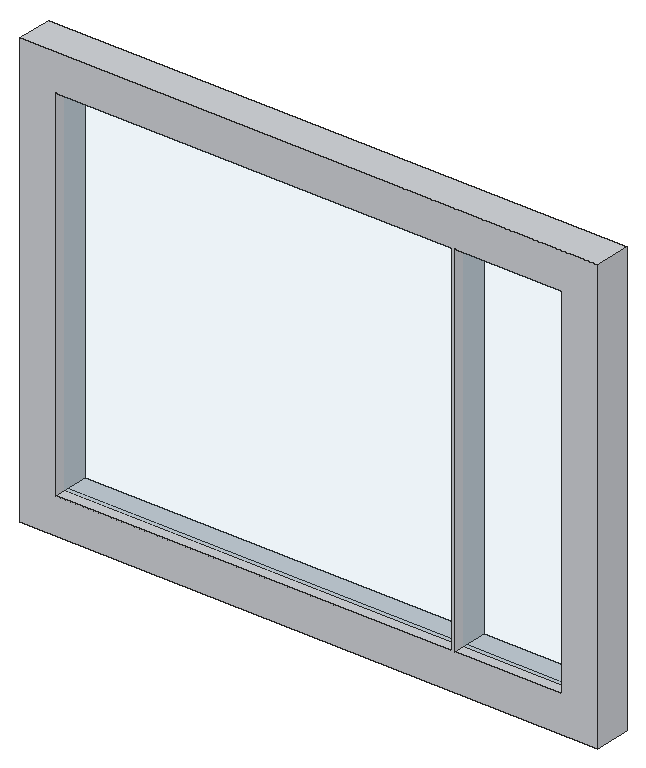
Revit family "PHLS Window - 1 Mullion", category Windows, host Wall, Revit 2018 (continued)
Definition of nested family "dReveal Left Side Text - Elevation"
  Lines and regions (mm)
    Filled region 5, type "Solid Fill - Blue", in view "Ref. Level"
      outline origin (116.479, 0, 0) x (1, 0, 0) y (0, 1, 0)
        loop
          line (-189.097, -33.793) -> (-186.143, -33.793) -> (-181.007, -8.762) -> (-183.96, -8.762) -> (-185.992, -18.666)
          spline (-185.992, -18.666) -> (-189.018, -15.645) -> (-191.89, -15.318) -> (-194.745, -16.312) -> (-197.017, -18.256) -> (-198.758, -21.005) -> (-199.707, -23.911) -> (-199.98, -27.227) -> (-199.492, -30.174) -> (-197.974, -32.627) -> (-195.435, -34.052) -> (-192.553, -33.977) -> (-188.596, -31.353)
          line (-188.596, -31.353) -> (-189.097, -33.793)
        loop
          spline (-187.074, -23.939) -> (-187.766, -19.434) -> (-189.652, -17.96) -> (-191.978, -17.855) -> (-193.982, -19.036) -> (-195.419, -21.043) -> (-196.57, -23.675) -> (-197.008, -26.615) -> (-196.558, -29.314) -> (-195.29, -31.127) -> (-193.225, -31.745) -> (-190.995, -31.199) -> (-187.564, -26.326)
          line (-187.564, -26.326) -> (-187.074, -23.939)
    Filled region 6, type "Solid Fill - Blue", in view "Ref. Level"
      outline origin (123.92, 0, 0) x (1, 0, 0) y (0, 1, 0)
        loop
          line (-188.472, -33.793) -> (-185.05, -33.793) -> (-182.768, -22.676) -> (-178.749, -22.676)
          spline (-178.749, -22.676) -> (-177.093, -22.836) -> (-175.853, -23.268) -> (-174.945, -23.899) -> (-174.288, -24.657) -> (-173.796, -25.469) -> (-173.389, -26.266) -> (-173.006, -27.05) -> (-172.612, -27.905) -> (-172.172, -28.918) -> (-171.652, -30.178) -> (-171.017, -31.774) -> (-170.235, -33.793)
          line (-170.235, -33.793) -> (-166.55, -33.793)
          spline (-166.55, -33.793) -> (-167.221, -32.11) -> (-167.783, -30.698) -> (-168.262, -29.514) -> (-168.682, -28.512) -> (-169.068, -27.647) -> (-169.446, -26.874) -> (-169.84, -26.149) -> (-170.279, -25.44) -> (-170.789, -24.735) -> (-171.402, -24.023) -> (-172.145, -23.293) -> (-173.048, -22.536)
          spline (-173.048, -22.536) -> (-169.187, -21.607) -> (-167.872, -20.91) -> (-166.626, -19.99) -> (-165.691, -18.809) -> (-165.041, -17.479) -> (-164.64, -16.087) -> (-164.569, -14.41) -> (-164.781, -12.941) -> (-165.311, -11.614) -> (-166.271, -10.347) -> (-167.333, -9.51) -> (-170.221, -8.762)
          line (-170.221, -8.762) -> (-183.335, -8.762) -> (-188.472, -33.793)
        loop
          line (-180.453, -11.396) -> (-182.195, -19.881) -> (-174.048, -19.881)
          spline (-174.048, -19.881) -> (-171.339, -19.39) -> (-170.403, -18.98) -> (-169.624, -18.453) -> (-168.951, -17.766) -> (-168.372, -16.767) -> (-167.965, -15.727) -> (-167.815, -14.787) -> (-167.91, -13.846) -> (-168.186, -12.981) -> (-168.936, -12.084) -> (-169.762, -11.678) -> (-172.089, -11.396)
          line (-172.089, -11.396) -> (-180.453, -11.396)
    Filled region 7, type "Solid Fill - Blue", in view "Ref. Level"
      outline origin (152.049, 0, 0) x (1, 0, 0) y (0, 1, 0)
        loop
          line (-188.129, -25.472) -> (-174.751, -25.472)
          spline (-174.751, -25.472) -> (-175.33, -18.793) -> (-178.232, -15.972) -> (-182.297, -15.286) -> (-185.875, -16.235) -> (-188.923, -19.053) -> (-190.829, -22.908) -> (-191.378, -26.678) -> (-190.398, -30.629) -> (-187.637, -33.408) -> (-183.785, -34.191) -> (-179.629, -32.861) -> (-175.591, -27.915)
          line (-175.591, -27.915) -> (-178.628, -27.65)
          spline (-178.628, -27.65) -> (-179.383, -29.083) -> (-180.181, -30.112) -> (-181.08, -30.842) -> (-182.086, -31.328) -> (-183.191, -31.613) -> (-184.325, -31.69) -> (-185.385, -31.524) -> (-186.294, -31.082) -> (-187.053, -30.342) -> (-187.68, -29.283) -> (-188.105, -27.762) -> (-188.129, -25.472)
        loop
          spline (-177.445, -23.161) -> (-177.526, -21.224) -> (-177.805, -19.993) -> (-178.317, -19.083) -> (-179.061, -18.396) -> (-179.944, -17.928) -> (-180.872, -17.685) -> (-181.802, -17.626) -> (-182.746, -17.748) -> (-183.806, -18.125) -> (-185.057, -18.884) -> (-186.406, -20.407) -> (-187.699, -23.161)
          line (-187.699, -23.161) -> (-177.445, -23.161)
    Filled region 8, type "Solid Fill - Blue", in view "Ref. Level"
      outline origin (189.186, 0, 0) x (1, 0, 0) y (0, 1, 0)
        loop
          line (-188.129, -25.472) -> (-174.751, -25.472)
          spline (-174.751, -25.472) -> (-175.33, -18.793) -> (-178.232, -15.972) -> (-182.297, -15.286) -> (-185.875, -16.235) -> (-188.923, -19.053) -> (-190.829, -22.908) -> (-191.378, -26.678) -> (-190.398, -30.629) -> (-187.637, -33.408) -> (-183.785, -34.191) -> (-179.629, -32.861) -> (-175.591, -27.915)
          line (-175.591, -27.915) -> (-178.628, -27.65)
          spline (-178.628, -27.65) -> (-179.383, -29.083) -> (-180.181, -30.112) -> (-181.08, -30.842) -> (-182.086, -31.328) -> (-183.191, -31.613) -> (-184.325, -31.69) -> (-185.385, -31.524) -> (-186.294, -31.082) -> (-187.053, -30.342) -> (-187.68, -29.283) -> (-188.105, -27.762) -> (-188.129, -25.472)
        loop
          spline (-177.445, -23.161) -> (-177.526, -21.224) -> (-177.805, -19.993) -> (-178.317, -19.083) -> (-179.061, -18.396) -> (-179.944, -17.928) -> (-180.872, -17.685) -> (-181.802, -17.626) -> (-182.746, -17.748) -> (-183.806, -18.125) -> (-185.057, -18.884) -> (-186.406, -20.407) -> (-187.699, -23.161)
          line (-187.699, -23.161) -> (-177.445, -23.161)
    Filled region 9, type "Solid Fill - Blue", in view "Ref. Level"
      outline origin (173.693, 0, 0) x (1, 0, 0) y (0, 1, 0)
        loop
          line (-189.88, -33.819) -> (-186.425, -33.819) -> (-175.939, -15.656) -> (-179.19, -15.656) -> (-187.655, -30.927) -> (-189.88, -15.656) -> (-192.832, -15.656) -> (-189.88, -33.819)
    Filled region 10, type "Solid Fill - Blue", in view "Ref. Level"
      outline origin (208.746, 0, 0) x (1, 0, 0) y (0, 1, 0)
        loop
          spline (-176.731, -33.81) -> (-177.048, -30.756) -> (-176.568, -27.729) -> (-175.862, -24.428) -> (-175.296, -21.761) -> (-175.209, -19.472) -> (-176.174, -17.323) -> (-178.088, -15.946) -> (-180.408, -15.324) -> (-183.076, -15.244) -> (-185.871, -15.924) -> (-188.445, -17.662) -> (-190.254, -20.766)
          line (-190.254, -20.766) -> (-187.177, -21.036)
          spline (-187.177, -21.036) -> (-186.217, -19.367) -> (-185.166, -18.49) -> (-184.123, -18.053) -> (-183.14, -17.828) -> (-182.213, -17.753) -> (-181.329, -17.788) -> (-180.488, -17.931) -> (-179.696, -18.205) -> (-178.989, -18.646) -> (-178.457, -19.328) -> (-178.242, -20.429) -> (-178.61, -22.434)
          spline (-178.61, -22.434) -> (-182.106, -22.969) -> (-185.94, -23.268) -> (-188.411, -23.836) -> (-190.183, -24.81) -> (-191.466, -26.329) -> (-192.072, -28.375) -> (-191.785, -30.63) -> (-190.666, -32.589) -> (-188.815, -33.834) -> (-186.625, -34.269) -> (-184.308, -33.979) -> (-180.197, -31.547)
          line (-180.197, -31.547) -> (-179.837, -33.81) -> (-176.731, -33.81)
        loop
          arc (-179.062, -24.59) -> (-179.61, -24.797) -> (-180.176, -24.947) r 5.632
          spline (-180.176, -24.947) -> (-183.054, -25.289) -> (-185.569, -25.599) -> (-187.565, -26.26) -> (-188.711, -27.474) -> (-189.006, -29.249) -> (-188.323, -30.798) -> (-186.742, -31.691) -> (-184.734, -31.772) -> (-182.898, -31.193) -> (-181.336, -30.093) -> (-180.13, -28.385) -> (-179.062, -24.59)
    Filled region 11, type "Solid Fill - Blue", in view "Ref. Level"
      outline origin (223.839, 0, 0) x (1, 0, 0) y (0, 1, 0)
        loop
          line (-188.472, -33.793) -> (-185.362, -33.793) -> (-180.225, -8.762) -> (-183.335, -8.762) -> (-188.472, -33.793)
    Filled region 12, type "Solid Fill - Blue", in view "Ref. Level"
      outline origin (241.995, 0, 0) x (1, 0, 0) y (0, 1, 0)
        loop
          line (-188.472, -33.793) -> (-171.96, -33.793) -> (-171.385, -30.991) -> (-184.475, -30.991) -> (-179.913, -8.762) -> (-183.335, -8.762) -> (-188.472, -33.793)
    Filled region 13, type "Solid Fill - Blue", in view "Ref. Level"
      outline origin (264.491, 0, 0) x (1, 0, 0) y (0, 1, 0)
        loop
          line (-188.129, -25.472) -> (-174.751, -25.472)
          spline (-174.751, -25.472) -> (-175.33, -18.793) -> (-178.232, -15.972) -> (-182.297, -15.286) -> (-185.875, -16.235) -> (-188.923, -19.053) -> (-190.829, -22.908) -> (-191.378, -26.678) -> (-190.398, -30.629) -> (-187.637, -33.408) -> (-183.785, -34.191) -> (-179.629, -32.861) -> (-175.591, -27.915)
          line (-175.591, -27.915) -> (-178.628, -27.65)
          spline (-178.628, -27.65) -> (-179.383, -29.083) -> (-180.181, -30.112) -> (-181.08, -30.842) -> (-182.086, -31.328) -> (-183.191, -31.613) -> (-184.325, -31.69) -> (-185.385, -31.524) -> (-186.294, -31.082) -> (-187.053, -30.342) -> (-187.68, -29.283) -> (-188.105, -27.762) -> (-188.129, -25.472)
        loop
          spline (-177.445, -23.161) -> (-177.526, -21.224) -> (-177.805, -19.993) -> (-178.317, -19.083) -> (-179.061, -18.396) -> (-179.944, -17.928) -> (-180.872, -17.685) -> (-181.802, -17.626) -> (-182.746, -17.748) -> (-183.806, -18.125) -> (-185.057, -18.884) -> (-186.406, -20.407) -> (-187.699, -23.161)
          line (-187.699, -23.161) -> (-177.445, -23.161)
    Filled region 14, type "Solid Fill - Blue", in view "Ref. Level"
      outline origin (363.086, 0, 0) x (1, 0, 0) y (0, 1, 0)
        loop
          line (-188.129, -25.472) -> (-174.751, -25.472)
          spline (-174.751, -25.472) -> (-175.33, -18.793) -> (-178.232, -15.972) -> (-182.297, -15.286) -> (-185.875, -16.235) -> (-188.923, -19.053) -> (-190.829, -22.908) -> (-191.378, -26.678) -> (-190.398, -30.629) -> (-187.637, -33.408) -> (-183.785, -34.191) -> (-179.629, -32.861) -> (-175.591, -27.915)
          line (-175.591, -27.915) -> (-178.628, -27.65)
          spline (-178.628, -27.65) -> (-179.383, -29.083) -> (-180.181, -30.112) -> (-181.08, -30.842) -> (-182.086, -31.328) -> (-183.191, -31.613) -> (-184.325, -31.69) -> (-185.385, -31.524) -> (-186.294, -31.082) -> (-187.053, -30.342) -> (-187.68, -29.283) -> (-188.105, -27.762) -> (-188.129, -25.472)
        loop
          spline (-177.445, -23.161) -> (-177.526, -21.224) -> (-177.805, -19.993) -> (-178.317, -19.083) -> (-179.061, -18.396) -> (-179.944, -17.928) -> (-180.872, -17.685) -> (-181.802, -17.626) -> (-182.746, -17.748) -> (-183.806, -18.125) -> (-185.057, -18.884) -> (-186.406, -20.407) -> (-187.699, -23.161)
          line (-187.699, -23.161) -> (-177.445, -23.161)
    Filled region 15, type "Solid Fill - Blue", in view "Ref. Level"
      outline origin (352.658, 0, 0) x (1, 0, 0) y (0, 1, 0)
        loop
          line (-189.097, -33.793) -> (-186.143, -33.793) -> (-181.007, -8.762) -> (-183.96, -8.762) -> (-185.992, -18.666)
          spline (-185.992, -18.666) -> (-189.018, -15.645) -> (-191.89, -15.318) -> (-194.745, -16.312) -> (-197.017, -18.256) -> (-198.758, -21.005) -> (-199.707, -23.911) -> (-199.98, -27.227) -> (-199.492, -30.174) -> (-197.974, -32.627) -> (-195.435, -34.052) -> (-192.553, -33.977) -> (-188.596, -31.353)
          line (-188.596, -31.353) -> (-189.097, -33.793)
        loop
          spline (-187.074, -23.939) -> (-187.766, -19.434) -> (-189.652, -17.96) -> (-191.978, -17.855) -> (-193.982, -19.036) -> (-195.419, -21.043) -> (-196.57, -23.675) -> (-197.008, -26.615) -> (-196.558, -29.314) -> (-195.29, -31.127) -> (-193.225, -31.745) -> (-190.995, -31.199) -> (-187.564, -26.326)
          line (-187.564, -26.326) -> (-187.074, -23.939)
    Filled region 16, type "Solid Fill - Blue", in view "Ref. Level"
      outline origin (280.66, 0, 0) x (1, 0, 0) y (0, 1, 0)
        loop
          line (-188.472, -33.793) -> (-185.362, -33.793) -> (-182.128, -18.033) -> (-178.684, -18.033) -> (-178.196, -15.651) -> (-181.639, -15.651) -> (-181.13, -13.171)
          spline (-181.13, -13.171) -> (-180.875, -12.394) -> (-180.648, -11.881) -> (-180.425, -11.557) -> (-180.185, -11.35) -> (-179.912, -11.208) -> (-179.604, -11.12) -> (-179.257, -11.078) -> (-178.871, -11.074) -> (-178.428, -11.106) -> (-177.895, -11.181) -> (-177.234, -11.306) -> (-176.412, -11.487)
          line (-176.412, -11.487) -> (-175.837, -8.781)
          spline (-175.837, -8.781) -> (-177.104, -8.532) -> (-178.088, -8.382) -> (-178.945, -8.3) -> (-179.74, -8.286) -> (-180.49, -8.36) -> (-181.202, -8.535) -> (-181.855, -8.805) -> (-182.425, -9.164) -> (-182.908, -9.62) -> (-183.321, -10.204) -> (-183.703, -11.082) -> (-184.151, -12.738)
          line (-184.151, -12.738) -> (-184.748, -15.651) -> (-187.516, -15.651) -> (-188.004, -18.033) -> (-185.237, -18.033) -> (-188.472, -33.793)
    Filled region 17, type "Solid Fill - Blue", in view "Ref. Level"
      outline origin (290.66, 0, 0) x (1, 0, 0) y (0, 1, 0)
        loop
          spline (-188.225, -31.068) -> (-188.142, -32.2) -> (-187.85, -32.743) -> (-187.548, -33.075) -> (-187.215, -33.366) -> (-186.817, -33.641) -> (-186.334, -33.851) -> (-185.8, -33.988) -> (-185.279, -34.07) -> (-184.77, -34.11) -> (-184.203, -34.117) -> (-183.457, -34.057) -> (-182.296, -33.793)
          line (-182.296, -33.793) -> (-181.778, -31.268)
          spline (-181.778, -31.268) -> (-182.615, -31.431) -> (-183.256, -31.506) -> (-183.748, -31.513) -> (-184.131, -31.466) -> (-184.428, -31.371) -> (-184.66, -31.233) -> (-184.832, -31.045) -> (-184.939, -30.798) -> (-184.983, -30.489) -> (-184.981, -30.117) -> (-184.902, -29.552) -> (-184.676, -28.55)
          line (-184.676, -28.55) -> (-182.44, -18.033) -> (-179.466, -18.033) -> (-178.977, -15.651) -> (-181.952, -15.651) -> (-180.595, -9.043) -> (-184.142, -11.174) -> (-185.061, -15.651) -> (-187.516, -15.651) -> (-188.004, -18.033) -> (-185.55, -18.033) -> (-188.225, -31.068)
    Filled region 18, type "Solid Fill - Blue", in view "Ref. Level"
      outline origin (331.507, 0, 0) x (1, 0, 0) y (0, 1, 0)
        loop
          line (-187.046, -33.813) -> (-183.92, -33.813) -> (-180.059, -15.651) -> (-183.186, -15.651) -> (-187.046, -33.813)
        loop
          line (-178.662, -8.76) -> (-181.772, -8.76) -> (-182.479, -12.206) -> (-179.369, -12.206) -> (-178.662, -8.76)
    Filled region 19, type "Solid Fill - Blue", in view "Ref. Level"
      outline origin (314.652, 0, 0) x (1, 0, 0) y (0, 1, 0)
        loop
          spline (-191.902, -25.696) -> (-188.873, -32.573) -> (-184.7, -34.054) -> (-179.1, -33.911) -> (-174.626, -31.632) -> (-172.605, -27.747) -> (-173.701, -23.276) -> (-177.807, -20.444) -> (-183.106, -18.033) -> (-185.511, -14.656) -> (-182.77, -11.452) -> (-177.656, -11.4) -> (-174.053, -16.091)
          line (-174.053, -16.091) -> (-170.823, -15.809)
          spline (-170.823, -15.809) -> (-173.206, -10.35) -> (-177.749, -8.428) -> (-183.329, -8.698) -> (-187.292, -10.915) -> (-188.76, -15.635) -> (-186.187, -19.894) -> (-181.292, -22.401) -> (-176.599, -25.193) -> (-176.643, -29.277) -> (-181.021, -31.416) -> (-186.304, -30.526) -> (-188.603, -25.407)
          line (-188.603, -25.407) -> (-191.902, -25.696)
Definition of nested family "dReveal Right Side Text - Elevation"
  Reference planes
    plane 1 "Center (Front/Back)": y = 0
    plane 2: z = 0
    plane 3 "Center (Left/Right)": x = 0
  Lines and regions (mm)
    Filled region 1, type "Solid Fill - Blue", in view "Ref. Level"
      outline origin (-11.25, 0, 0) x (1, 0, 0) y (0, 1, 0)
        loop
          line (-188.472, -33.793) -> (-185.05, -33.793) -> (-182.961, -23.613) -> (-175.674, -23.613)
          spline (-175.674, -23.613) -> (-171.33, -22.908) -> (-169.791, -22.309) -> (-168.405, -21.311) -> (-167.201, -20.024) -> (-166.317, -18.518) -> (-165.768, -16.888) -> (-165.579, -15.289) -> (-165.618, -13.63) -> (-166.119, -11.979) -> (-167.07, -10.588) -> (-168.322, -9.573) -> (-171.627, -8.762)
          line (-171.627, -8.762) -> (-183.335, -8.762) -> (-188.472, -33.793)
        loop
          line (-180.453, -11.396) -> (-182.387, -20.819) -> (-175.67, -20.819)
          spline (-175.67, -20.819) -> (-172.662, -20.274) -> (-171.624, -19.818) -> (-170.758, -19.233) -> (-170.01, -18.47) -> (-169.367, -17.36) -> (-168.916, -16.205) -> (-168.749, -15.161) -> (-168.855, -14.116) -> (-169.161, -13.156) -> (-169.994, -12.16) -> (-170.911, -11.709) -> (-173.495, -11.396)
          line (-173.495, -11.396) -> (-180.453, -11.396)
    Filled region 2, type "Solid Fill - Blue", in view "Ref. Level"
      outline origin (11.961, 0, 0) x (1, 0, 0) y (0, 1, 0)
        loop
          line (-188.472, -33.793) -> (-185.05, -33.793) -> (-182.624, -21.973) -> (-169.658, -21.973) -> (-172.083, -33.793) -> (-168.661, -33.793) -> (-163.525, -8.762) -> (-166.947, -8.762) -> (-169.084, -19.178) -> (-182.05, -19.178) -> (-179.913, -8.762) -> (-183.335, -8.762) -> (-188.472, -33.793)
    Filled region 3, type "Solid Fill - Blue", in view "Ref. Level"
      outline origin (37.164, 0, 0) x (1, 0, 0) y (0, 1, 0)
        loop
          line (-188.472, -33.793) -> (-185.05, -33.793) -> (-182.961, -23.613) -> (-175.674, -23.613)
          spline (-175.674, -23.613) -> (-171.33, -22.908) -> (-169.791, -22.309) -> (-168.405, -21.311) -> (-167.201, -20.024) -> (-166.317, -18.518) -> (-165.768, -16.888) -> (-165.579, -15.289) -> (-165.618, -13.63) -> (-166.119, -11.979) -> (-167.07, -10.588) -> (-168.322, -9.573) -> (-171.627, -8.762)
          line (-171.627, -8.762) -> (-183.335, -8.762) -> (-188.472, -33.793)
        loop
          line (-180.453, -11.396) -> (-182.387, -20.819) -> (-175.67, -20.819)
          spline (-175.67, -20.819) -> (-172.662, -20.274) -> (-171.624, -19.818) -> (-170.758, -19.233) -> (-170.01, -18.47) -> (-169.367, -17.36) -> (-168.916, -16.205) -> (-168.749, -15.161) -> (-168.855, -14.116) -> (-169.161, -13.156) -> (-169.994, -12.16) -> (-170.911, -11.709) -> (-173.495, -11.396)
          line (-173.495, -11.396) -> (-180.453, -11.396)
    Filled region 4, type "Solid Fill - Blue", in view "Ref. Level"
      outline origin (60.229, 0, 0) x (1, 0, 0) y (0, 1, 0)
        loop
          line (-188.472, -33.793) -> (-185.05, -33.793) -> (-182.961, -23.613) -> (-175.674, -23.613)
          spline (-175.674, -23.613) -> (-171.33, -22.908) -> (-169.791, -22.309) -> (-168.405, -21.311) -> (-167.201, -20.024) -> (-166.317, -18.518) -> (-165.768, -16.888) -> (-165.579, -15.289) -> (-165.618, -13.63) -> (-166.119, -11.979) -> (-167.07, -10.588) -> (-168.322, -9.573) -> (-171.627, -8.762)
          line (-171.627, -8.762) -> (-183.335, -8.762) -> (-188.472, -33.793)
        loop
          line (-180.453, -11.396) -> (-182.387, -20.819) -> (-175.67, -20.819)
          spline (-175.67, -20.819) -> (-172.662, -20.274) -> (-171.624, -19.818) -> (-170.758, -19.233) -> (-170.01, -18.47) -> (-169.367, -17.36) -> (-168.916, -16.205) -> (-168.749, -15.161) -> (-168.855, -14.116) -> (-169.161, -13.156) -> (-169.994, -12.16) -> (-170.911, -11.709) -> (-173.495, -11.396)
          line (-173.495, -11.396) -> (-180.453, -11.396)
    Filled region 5, type "Solid Fill - Blue", in view "Ref. Level"
      outline origin (105.229, 0, 0) x (1, 0, 0) y (0, 1, 0)
        loop
          line (-189.097, -33.793) -> (-186.143, -33.793) -> (-181.007, -8.762) -> (-183.96, -8.762) -> (-185.992, -18.666)
          spline (-185.992, -18.666) -> (-189.018, -15.645) -> (-191.89, -15.318) -> (-194.745, -16.312) -> (-197.017, -18.256) -> (-198.758, -21.005) -> (-199.707, -23.911) -> (-199.98, -27.227) -> (-199.492, -30.174) -> (-197.974, -32.627) -> (-195.435, -34.052) -> (-192.553, -33.977) -> (-188.596, -31.353)
          line (-188.596, -31.353) -> (-189.097, -33.793)
        loop
          spline (-187.074, -23.939) -> (-187.766, -19.434) -> (-189.652, -17.96) -> (-191.978, -17.855) -> (-193.982, -19.036) -> (-195.419, -21.043) -> (-196.57, -23.675) -> (-197.008, -26.615) -> (-196.558, -29.314) -> (-195.29, -31.127) -> (-193.225, -31.745) -> (-190.995, -31.199) -> (-187.564, -26.326)
          line (-187.564, -26.326) -> (-187.074, -23.939)
    Filled region 6, type "Solid Fill - Blue", in view "Ref. Level"
      outline origin (112.67, 0, 0) x (1, 0, 0) y (0, 1, 0)
        loop
          line (-188.472, -33.793) -> (-185.05, -33.793) -> (-182.768, -22.676) -> (-178.749, -22.676)
          spline (-178.749, -22.676) -> (-177.093, -22.836) -> (-175.853, -23.268) -> (-174.945, -23.899) -> (-174.288, -24.657) -> (-173.796, -25.469) -> (-173.389, -26.266) -> (-173.006, -27.05) -> (-172.612, -27.905) -> (-172.172, -28.918) -> (-171.652, -30.178) -> (-171.017, -31.774) -> (-170.235, -33.793)
          line (-170.235, -33.793) -> (-166.55, -33.793)
          spline (-166.55, -33.793) -> (-167.221, -32.11) -> (-167.783, -30.698) -> (-168.262, -29.514) -> (-168.682, -28.512) -> (-169.068, -27.647) -> (-169.446, -26.874) -> (-169.84, -26.149) -> (-170.279, -25.44) -> (-170.789, -24.735) -> (-171.402, -24.023) -> (-172.145, -23.293) -> (-173.048, -22.536)
          spline (-173.048, -22.536) -> (-169.187, -21.607) -> (-167.872, -20.91) -> (-166.626, -19.99) -> (-165.691, -18.809) -> (-165.041, -17.479) -> (-164.64, -16.087) -> (-164.569, -14.41) -> (-164.781, -12.941) -> (-165.311, -11.614) -> (-166.271, -10.347) -> (-167.333, -9.51) -> (-170.221, -8.762)
          line (-170.221, -8.762) -> (-183.335, -8.762) -> (-188.472, -33.793)
        loop
          line (-180.453, -11.396) -> (-182.195, -19.881) -> (-174.048, -19.881)
          spline (-174.048, -19.881) -> (-171.339, -19.39) -> (-170.403, -18.98) -> (-169.624, -18.453) -> (-168.951, -17.766) -> (-168.372, -16.767) -> (-167.965, -15.727) -> (-167.815, -14.787) -> (-167.91, -13.846) -> (-168.186, -12.981) -> (-168.936, -12.084) -> (-169.762, -11.678) -> (-172.089, -11.396)
          line (-172.089, -11.396) -> (-180.453, -11.396)
    Filled region 7, type "Solid Fill - Blue", in view "Ref. Level"
      outline origin (140.799, 0, 0) x (1, 0, 0) y (0, 1, 0)
        loop
          line (-188.129, -25.472) -> (-174.751, -25.472)
          spline (-174.751, -25.472) -> (-175.33, -18.793) -> (-178.232, -15.972) -> (-182.297, -15.286) -> (-185.875, -16.235) -> (-188.923, -19.053) -> (-190.829, -22.908) -> (-191.378, -26.678) -> (-190.398, -30.629) -> (-187.637, -33.408) -> (-183.785, -34.191) -> (-179.629, -32.861) -> (-175.591, -27.915)
          line (-175.591, -27.915) -> (-178.628, -27.65)
          spline (-178.628, -27.65) -> (-179.383, -29.083) -> (-180.181, -30.112) -> (-181.08, -30.842) -> (-182.086, -31.328) -> (-183.191, -31.613) -> (-184.325, -31.69) -> (-185.385, -31.524) -> (-186.294, -31.082) -> (-187.053, -30.342) -> (-187.68, -29.283) -> (-188.105, -27.762) -> (-188.129, -25.472)
        loop
          spline (-177.445, -23.161) -> (-177.526, -21.224) -> (-177.805, -19.993) -> (-178.317, -19.083) -> (-179.061, -18.396) -> (-179.944, -17.928) -> (-180.872, -17.685) -> (-181.802, -17.626) -> (-182.746, -17.748) -> (-183.806, -18.125) -> (-185.057, -18.884) -> (-186.406, -20.407) -> (-187.699, -23.161)
          line (-187.699, -23.161) -> (-177.445, -23.161)
    Filled region 8, type "Solid Fill - Blue", in view "Ref. Level"
      outline origin (177.936, 0, 0) x (1, 0, 0) y (0, 1, 0)
        loop
          line (-188.129, -25.472) -> (-174.751, -25.472)
          spline (-174.751, -25.472) -> (-175.33, -18.793) -> (-178.232, -15.972) -> (-182.297, -15.286) -> (-185.875, -16.235) -> (-188.923, -19.053) -> (-190.829, -22.908) -> (-191.378, -26.678) -> (-190.398, -30.629) -> (-187.637, -33.408) -> (-183.785, -34.191) -> (-179.629, -32.861) -> (-175.591, -27.915)
          line (-175.591, -27.915) -> (-178.628, -27.65)
          spline (-178.628, -27.65) -> (-179.383, -29.083) -> (-180.181, -30.112) -> (-181.08, -30.842) -> (-182.086, -31.328) -> (-183.191, -31.613) -> (-184.325, -31.69) -> (-185.385, -31.524) -> (-186.294, -31.082) -> (-187.053, -30.342) -> (-187.68, -29.283) -> (-188.105, -27.762) -> (-188.129, -25.472)
        loop
          spline (-177.445, -23.161) -> (-177.526, -21.224) -> (-177.805, -19.993) -> (-178.317, -19.083) -> (-179.061, -18.396) -> (-179.944, -17.928) -> (-180.872, -17.685) -> (-181.802, -17.626) -> (-182.746, -17.748) -> (-183.806, -18.125) -> (-185.057, -18.884) -> (-186.406, -20.407) -> (-187.699, -23.161)
          line (-187.699, -23.161) -> (-177.445, -23.161)
    Filled region 9, type "Solid Fill - Blue", in view "Ref. Level"
      outline origin (162.443, 0, 0) x (1, 0, 0) y (0, 1, 0)
        loop
          line (-189.88, -33.819) -> (-186.425, -33.819) -> (-175.939, -15.656) -> (-179.19, -15.656) -> (-187.655, -30.927) -> (-189.88, -15.656) -> (-192.832, -15.656) -> (-189.88, -33.819)
    Filled region 10, type "Solid Fill - Blue", in view "Ref. Level"
      outline origin (197.496, 0, 0) x (1, 0, 0) y (0, 1, 0)
        loop
          spline (-176.731, -33.81) -> (-177.048, -30.756) -> (-176.568, -27.729) -> (-175.862, -24.428) -> (-175.296, -21.761) -> (-175.209, -19.472) -> (-176.174, -17.323) -> (-178.088, -15.946) -> (-180.408, -15.324) -> (-183.076, -15.244) -> (-185.871, -15.924) -> (-188.445, -17.662) -> (-190.254, -20.766)
          line (-190.254, -20.766) -> (-187.177, -21.036)
          spline (-187.177, -21.036) -> (-186.217, -19.367) -> (-185.166, -18.49) -> (-184.123, -18.053) -> (-183.14, -17.828) -> (-182.213, -17.753) -> (-181.329, -17.788) -> (-180.488, -17.931) -> (-179.696, -18.205) -> (-178.989, -18.646) -> (-178.457, -19.328) -> (-178.242, -20.429) -> (-178.61, -22.434)
          spline (-178.61, -22.434) -> (-182.106, -22.969) -> (-185.94, -23.268) -> (-188.411, -23.836) -> (-190.183, -24.81) -> (-191.466, -26.329) -> (-192.072, -28.375) -> (-191.785, -30.63) -> (-190.666, -32.589) -> (-188.815, -33.834) -> (-186.625, -34.269) -> (-184.308, -33.979) -> (-180.197, -31.547)
          line (-180.197, -31.547) -> (-179.837, -33.81) -> (-176.731, -33.81)
        loop
          arc (-179.062, -24.59) -> (-179.61, -24.797) -> (-180.176, -24.947) r 5.632
          spline (-180.176, -24.947) -> (-183.054, -25.289) -> (-185.569, -25.599) -> (-187.565, -26.26) -> (-188.711, -27.474) -> (-189.006, -29.249) -> (-188.323, -30.798) -> (-186.742, -31.691) -> (-184.734, -31.772) -> (-182.898, -31.193) -> (-181.336, -30.093) -> (-180.13, -28.385) -> (-179.062, -24.59)
    Filled region 11, type "Solid Fill - Blue", in view "Ref. Level"
      outline origin (212.589, 0, 0) x (1, 0, 0) y (0, 1, 0)
        loop
          line (-188.472, -33.793) -> (-185.362, -33.793) -> (-180.225, -8.762) -> (-183.335, -8.762) -> (-188.472, -33.793)
    Filled region 12, type "Solid Fill - Blue", in view "Ref. Level"
      outline origin (374.336, 0, 0) x (1, 0, 0) y (0, 1, 0)
        loop
          line (-188.129, -25.472) -> (-174.751, -25.472)
          spline (-174.751, -25.472) -> (-175.33, -18.793) -> (-178.232, -15.972) -> (-182.297, -15.286) -> (-185.875, -16.235) -> (-188.923, -19.053) -> (-190.829, -22.908) -> (-191.378, -26.678) -> (-190.398, -30.629) -> (-187.637, -33.408) -> (-183.785, -34.191) -> (-179.629, -32.861) -> (-175.591, -27.915)
          line (-175.591, -27.915) -> (-178.628, -27.65)
          spline (-178.628, -27.65) -> (-179.383, -29.083) -> (-180.181, -30.112) -> (-181.08, -30.842) -> (-182.086, -31.328) -> (-183.191, -31.613) -> (-184.325, -31.69) -> (-185.385, -31.524) -> (-186.294, -31.082) -> (-187.053, -30.342) -> (-187.68, -29.283) -> (-188.105, -27.762) -> (-188.129, -25.472)
        loop
          spline (-177.445, -23.161) -> (-177.526, -21.224) -> (-177.805, -19.993) -> (-178.317, -19.083) -> (-179.061, -18.396) -> (-179.944, -17.928) -> (-180.872, -17.685) -> (-181.802, -17.626) -> (-182.746, -17.748) -> (-183.806, -18.125) -> (-185.057, -18.884) -> (-186.406, -20.407) -> (-187.699, -23.161)
          line (-187.699, -23.161) -> (-177.445, -23.161)
    Filled region 13, type "Solid Fill - Blue", in view "Ref. Level"
      outline origin (363.908, 0, 0) x (1, 0, 0) y (0, 1, 0)
        loop
          line (-189.097, -33.793) -> (-186.143, -33.793) -> (-181.007, -8.762) -> (-183.96, -8.762) -> (-185.992, -18.666)
          spline (-185.992, -18.666) -> (-189.018, -15.645) -> (-191.89, -15.318) -> (-194.745, -16.312) -> (-197.017, -18.256) -> (-198.758, -21.005) -> (-199.707, -23.911) -> (-199.98, -27.227) -> (-199.492, -30.174) -> (-197.974, -32.627) -> (-195.435, -34.052) -> (-192.553, -33.977) -> (-188.596, -31.353)
          line (-188.596, -31.353) -> (-189.097, -33.793)
        loop
          spline (-187.074, -23.939) -> (-187.766, -19.434) -> (-189.652, -17.96) -> (-191.978, -17.855) -> (-193.982, -19.036) -> (-195.419, -21.043) -> (-196.57, -23.675) -> (-197.008, -26.615) -> (-196.558, -29.314) -> (-195.29, -31.127) -> (-193.225, -31.745) -> (-190.995, -31.199) -> (-187.564, -26.326)
          line (-187.564, -26.326) -> (-187.074, -23.939)
    Filled region 14, type "Solid Fill - Blue", in view "Ref. Level"
      outline origin (301.91, 0, 0) x (1, 0, 0) y (0, 1, 0)
        loop
          spline (-188.225, -31.068) -> (-188.142, -32.2) -> (-187.85, -32.743) -> (-187.548, -33.075) -> (-187.215, -33.366) -> (-186.817, -33.641) -> (-186.334, -33.851) -> (-185.8, -33.988) -> (-185.279, -34.07) -> (-184.77, -34.11) -> (-184.203, -34.117) -> (-183.457, -34.057) -> (-182.296, -33.793)
          line (-182.296, -33.793) -> (-181.778, -31.268)
          spline (-181.778, -31.268) -> (-182.615, -31.431) -> (-183.256, -31.506) -> (-183.748, -31.513) -> (-184.131, -31.466) -> (-184.428, -31.371) -> (-184.66, -31.233) -> (-184.832, -31.045) -> (-184.939, -30.798) -> (-184.983, -30.489) -> (-184.981, -30.117) -> (-184.902, -29.552) -> (-184.676, -28.55)
          line (-184.676, -28.55) -> (-182.44, -18.033) -> (-179.466, -18.033) -> (-178.977, -15.651) -> (-181.952, -15.651) -> (-180.595, -9.043) -> (-184.142, -11.174) -> (-185.061, -15.651) -> (-187.516, -15.651) -> (-188.004, -18.033) -> (-185.55, -18.033) -> (-188.225, -31.068)
    Filled region 15, type "Solid Fill - Blue", in view "Ref. Level"
      outline origin (342.757, 0, 0) x (1, 0, 0) y (0, 1, 0)
        loop
          line (-187.046, -33.813) -> (-183.92, -33.813) -> (-180.059, -15.651) -> (-183.186, -15.651) -> (-187.046, -33.813)
        loop
          line (-178.662, -8.76) -> (-181.772, -8.76) -> (-182.479, -12.206) -> (-179.369, -12.206) -> (-178.662, -8.76)
    Filled region 16, type "Solid Fill - Blue", in view "Ref. Level"
      outline origin (325.902, 0, 0) x (1, 0, 0) y (0, 1, 0)
        loop
          spline (-191.902, -25.696) -> (-188.873, -32.573) -> (-184.7, -34.054) -> (-179.1, -33.911) -> (-174.626, -31.632) -> (-172.605, -27.747) -> (-173.701, -23.276) -> (-177.807, -20.444) -> (-183.106, -18.033) -> (-185.511, -14.656) -> (-182.77, -11.452) -> (-177.656, -11.4) -> (-174.053, -16.091)
          line (-174.053, -16.091) -> (-170.823, -15.809)
          spline (-170.823, -15.809) -> (-173.206, -10.35) -> (-177.749, -8.428) -> (-183.329, -8.698) -> (-187.292, -10.915) -> (-188.76, -15.635) -> (-186.187, -19.894) -> (-181.292, -22.401) -> (-176.599, -25.193) -> (-176.643, -29.277) -> (-181.021, -31.416) -> (-186.304, -30.526) -> (-188.603, -25.407)
          line (-188.603, -25.407) -> (-191.902, -25.696)
    Filled region 17, type "Solid Fill - Blue", in view "Ref. Level"
      outline origin (231.047, 0, 0) x (1, 0, 0) y (0, 1, 0)
        loop
          line (-188.472, -33.793) -> (-185.05, -33.793) -> (-182.768, -22.676) -> (-178.749, -22.676)
          spline (-178.749, -22.676) -> (-177.093, -22.836) -> (-175.853, -23.268) -> (-174.945, -23.899) -> (-174.288, -24.657) -> (-173.796, -25.469) -> (-173.389, -26.266) -> (-173.006, -27.05) -> (-172.612, -27.905) -> (-172.172, -28.918) -> (-171.652, -30.178) -> (-171.017, -31.774) -> (-170.235, -33.793)
          line (-170.235, -33.793) -> (-166.55, -33.793)
          spline (-166.55, -33.793) -> (-167.221, -32.11) -> (-167.783, -30.698) -> (-168.262, -29.514) -> (-168.682, -28.512) -> (-169.068, -27.647) -> (-169.446, -26.874) -> (-169.84, -26.149) -> (-170.279, -25.44) -> (-170.789, -24.735) -> (-171.402, -24.023) -> (-172.145, -23.293) -> (-173.048, -22.536)
          spline (-173.048, -22.536) -> (-169.187, -21.607) -> (-167.872, -20.91) -> (-166.626, -19.99) -> (-165.691, -18.809) -> (-165.041, -17.479) -> (-164.64, -16.087) -> (-164.569, -14.41) -> (-164.781, -12.941) -> (-165.311, -11.614) -> (-166.271, -10.347) -> (-167.333, -9.51) -> (-170.221, -8.762)
          line (-170.221, -8.762) -> (-183.335, -8.762) -> (-188.472, -33.793)
        loop
          line (-180.453, -11.396) -> (-182.195, -19.881) -> (-174.048, -19.881)
          spline (-174.048, -19.881) -> (-171.339, -19.39) -> (-170.403, -18.98) -> (-169.624, -18.453) -> (-168.951, -17.766) -> (-168.372, -16.767) -> (-167.965, -15.727) -> (-167.815, -14.787) -> (-167.91, -13.846) -> (-168.186, -12.981) -> (-168.936, -12.084) -> (-169.762, -11.678) -> (-172.089, -11.396)
          line (-172.089, -11.396) -> (-180.453, -11.396)
    Filled region 18, type "Solid Fill - Blue", in view "Ref. Level"
      outline origin (254.228, 0, 0) x (1, 0, 0) y (0, 1, 0)
        loop
          line (-187.046, -33.813) -> (-183.92, -33.813) -> (-180.059, -15.651) -> (-183.186, -15.651) -> (-187.046, -33.813)
        loop
          line (-178.662, -8.76) -> (-181.772, -8.76) -> (-182.479, -12.206) -> (-179.369, -12.206) -> (-178.662, -8.76)
    Filled region 19, type "Solid Fill - Blue", in view "Ref. Level"
      outline origin (273.129, 0, 0) x (1, 0, 0) y (0, 1, 0)
        loop
          line (-180.059, -15.651) -> (-182.873, -15.651) -> (-183.507, -18.631)
          spline (-183.507, -18.631) -> (-187.01, -15.474) -> (-189.921, -15.283) -> (-192.548, -16.16) -> (-194.909, -18.032) -> (-196.766, -20.673) -> (-197.861, -23.651) -> (-198.089, -26.745) -> (-197.453, -29.77) -> (-195.976, -32.014) -> (-193.714, -33.506) -> (-190.414, -33.658) -> (-186.497, -31.375)
          spline (-186.497, -31.375) -> (-187.176, -34.352) -> (-187.597, -35.867) -> (-188.052, -36.823) -> (-188.69, -37.524) -> (-189.569, -38.048) -> (-190.623, -38.384) -> (-191.767, -38.529) -> (-192.924, -38.517) -> (-193.958, -38.361) -> (-194.751, -38.029) -> (-195.45, -37.333) -> (-195.731, -35.767)
          line (-195.731, -35.767) -> (-198.821, -35.466)
          spline (-198.821, -35.466) -> (-198.736, -37.55) -> (-198.091, -39.018) -> (-196.931, -40.043) -> (-195.401, -40.659) -> (-193.776, -40.988) -> (-192.164, -41.084) -> (-190.591, -40.969) -> (-189.102, -40.652) -> (-187.722, -40.101) -> (-186.377, -39.083) -> (-185.025, -37.23) -> (-183.92, -33.813)
          line (-183.92, -33.813) -> (-180.059, -15.651)
        loop
          spline (-191.883, -31.164) -> (-190.589, -31.311) -> (-189.243, -30.995) -> (-187.939, -30.237) -> (-186.765, -29.087) -> (-185.801, -27.626) -> (-185.113, -25.951) -> (-184.747, -24.178) -> (-184.729, -22.427) -> (-185.06, -20.818) -> (-185.717, -19.46) -> (-186.655, -18.445) -> (-187.811, -17.844)
          spline (-187.811, -17.844) -> (-189.106, -17.696) -> (-190.451, -18.012) -> (-191.755, -18.771) -> (-192.93, -19.92) -> (-193.894, -21.382) -> (-194.582, -23.056) -> (-194.948, -24.829) -> (-194.966, -26.58) -> (-194.635, -28.189) -> (-193.978, -29.548) -> (-193.039, -30.562) -> (-191.883, -31.164)
    Filled region 20, type "Solid Fill - Blue", in view "Ref. Level"
      outline origin (280.845, 0, 0) x (1, 0, 0) y (0, 1, 0)
        loop
          line (-187.203, -33.813) -> (-184.076, -33.813) -> (-182.029, -24.183)
          spline (-182.029, -24.183) -> (-181.055, -21.496) -> (-180.114, -19.985) -> (-179.213, -19.156) -> (-178.355, -18.578) -> (-177.493, -18.149) -> (-176.57, -17.875) -> (-175.595, -17.762) -> (-174.69, -17.814) -> (-173.937, -18.051) -> (-173.31, -18.53) -> (-172.9, -19.34) -> (-173.029, -21.034)
          line (-173.029, -21.034) -> (-175.745, -33.813) -> (-172.618, -33.813) -> (-170.184, -22.361)
          spline (-170.184, -22.361) -> (-169.793, -19.618) -> (-169.966, -18.045) -> (-170.478, -17.066) -> (-171.158, -16.393) -> (-171.899, -15.878) -> (-172.776, -15.508) -> (-173.861, -15.299) -> (-175.038, -15.27) -> (-176.173, -15.439) -> (-177.283, -15.818) -> (-178.473, -16.46) -> (-180.15, -17.713)
          line (-180.15, -17.713) -> (-180.789, -18.352) -> (-178.751, -8.76) -> (-181.877, -8.76) -> (-187.203, -33.813)
Definition of nested family "oOver Text - Elevation"
  Reference planes
    plane 1 "Center (Front/Back)": y = 0
    plane 2: z = 0
    plane 3 "Center (Left/Right)": x = 0
  Lines and regions (mm)
    Filled region 1, type "Solid Fill - Blue", in view "Ref. Level"
      outline origin (89.608, 43, 0) x (1, 0, 0) y (0, 1, 0)
        loop
          line (-188.472, -33.793) -> (-185.05, -33.793) -> (-182.961, -23.613) -> (-175.674, -23.613)
          spline (-175.674, -23.613) -> (-171.33, -22.908) -> (-169.791, -22.309) -> (-168.405, -21.311) -> (-167.201, -20.024) -> (-166.317, -18.518) -> (-165.768, -16.888) -> (-165.579, -15.289) -> (-165.618, -13.63) -> (-166.119, -11.979) -> (-167.07, -10.588) -> (-168.322, -9.573) -> (-171.627, -8.762)
          line (-171.627, -8.762) -> (-183.335, -8.762) -> (-188.472, -33.793)
        loop
          line (-180.453, -11.396) -> (-182.387, -20.819) -> (-175.67, -20.819)
          spline (-175.67, -20.819) -> (-172.662, -20.274) -> (-171.624, -19.818) -> (-170.758, -19.233) -> (-170.01, -18.47) -> (-169.367, -17.36) -> (-168.916, -16.205) -> (-168.749, -15.161) -> (-168.855, -14.116) -> (-169.161, -13.156) -> (-169.994, -12.16) -> (-170.911, -11.709) -> (-173.495, -11.396)
          line (-173.495, -11.396) -> (-180.453, -11.396)
    Filled region 2, type "Solid Fill - Blue", in view "Ref. Level"
      outline origin (112.819, 43, 0) x (1, 0, 0) y (0, 1, 0)
        loop
          line (-188.472, -33.793) -> (-185.05, -33.793) -> (-182.624, -21.973) -> (-169.658, -21.973) -> (-172.083, -33.793) -> (-168.661, -33.793) -> (-163.525, -8.762) -> (-166.947, -8.762) -> (-169.084, -19.178) -> (-182.05, -19.178) -> (-179.913, -8.762) -> (-183.335, -8.762) -> (-188.472, -33.793)
    Filled region 3, type "Solid Fill - Blue", in view "Ref. Level"
      outline origin (138.023, 43, 0) x (1, 0, 0) y (0, 1, 0)
        loop
          line (-188.472, -33.793) -> (-185.05, -33.793) -> (-182.961, -23.613) -> (-175.674, -23.613)
          spline (-175.674, -23.613) -> (-171.33, -22.908) -> (-169.791, -22.309) -> (-168.405, -21.311) -> (-167.201, -20.024) -> (-166.317, -18.518) -> (-165.768, -16.888) -> (-165.579, -15.289) -> (-165.618, -13.63) -> (-166.119, -11.979) -> (-167.07, -10.588) -> (-168.322, -9.573) -> (-171.627, -8.762)
          line (-171.627, -8.762) -> (-183.335, -8.762) -> (-188.472, -33.793)
        loop
          line (-180.453, -11.396) -> (-182.387, -20.819) -> (-175.67, -20.819)
          spline (-175.67, -20.819) -> (-172.662, -20.274) -> (-171.624, -19.818) -> (-170.758, -19.233) -> (-170.01, -18.47) -> (-169.367, -17.36) -> (-168.916, -16.205) -> (-168.749, -15.161) -> (-168.855, -14.116) -> (-169.161, -13.156) -> (-169.994, -12.16) -> (-170.911, -11.709) -> (-173.495, -11.396)
          line (-173.495, -11.396) -> (-180.453, -11.396)
    Filled region 4, type "Solid Fill - Blue", in view "Ref. Level"
      outline origin (161.087, 43, 0) x (1, 0, 0) y (0, 1, 0)
        loop
          line (-188.472, -33.793) -> (-185.05, -33.793) -> (-182.961, -23.613) -> (-175.674, -23.613)
          spline (-175.674, -23.613) -> (-171.33, -22.908) -> (-169.791, -22.309) -> (-168.405, -21.311) -> (-167.201, -20.024) -> (-166.317, -18.518) -> (-165.768, -16.888) -> (-165.579, -15.289) -> (-165.618, -13.63) -> (-166.119, -11.979) -> (-167.07, -10.588) -> (-168.322, -9.573) -> (-171.627, -8.762)
          line (-171.627, -8.762) -> (-183.335, -8.762) -> (-188.472, -33.793)
        loop
          line (-180.453, -11.396) -> (-182.387, -20.819) -> (-175.67, -20.819)
          spline (-175.67, -20.819) -> (-172.662, -20.274) -> (-171.624, -19.818) -> (-170.758, -19.233) -> (-170.01, -18.47) -> (-169.367, -17.36) -> (-168.916, -16.205) -> (-168.749, -15.161) -> (-168.855, -14.116) -> (-169.161, -13.156) -> (-169.994, -12.16) -> (-170.911, -11.709) -> (-173.495, -11.396)
          line (-173.495, -11.396) -> (-180.453, -11.396)
    Filled region 5, type "Solid Fill - Blue", in view "Ref. Level"
      outline origin (261.661, 43, 0) x (1, 0, 0) y (0, 1, 0)
        loop
          line (-188.129, -25.472) -> (-174.751, -25.472)
          spline (-174.751, -25.472) -> (-175.33, -18.793) -> (-178.232, -15.972) -> (-182.297, -15.286) -> (-185.875, -16.235) -> (-188.923, -19.053) -> (-190.829, -22.908) -> (-191.378, -26.678) -> (-190.398, -30.629) -> (-187.637, -33.408) -> (-183.785, -34.191) -> (-179.629, -32.861) -> (-175.591, -27.915)
          line (-175.591, -27.915) -> (-178.628, -27.65)
          spline (-178.628, -27.65) -> (-179.383, -29.083) -> (-180.181, -30.112) -> (-181.08, -30.842) -> (-182.086, -31.328) -> (-183.191, -31.613) -> (-184.325, -31.69) -> (-185.385, -31.524) -> (-186.294, -31.082) -> (-187.053, -30.342) -> (-187.68, -29.283) -> (-188.105, -27.762) -> (-188.129, -25.472)
        loop
          spline (-177.445, -23.161) -> (-177.526, -21.224) -> (-177.805, -19.993) -> (-178.317, -19.083) -> (-179.061, -18.396) -> (-179.944, -17.928) -> (-180.872, -17.685) -> (-181.802, -17.626) -> (-182.746, -17.748) -> (-183.806, -18.125) -> (-185.057, -18.884) -> (-186.406, -20.407) -> (-187.699, -23.161)
          line (-187.699, -23.161) -> (-177.445, -23.161)
    Filled region 6, type "Solid Fill - Blue", in view "Ref. Level"
      outline origin (246.168, 43, 0) x (1, 0, 0) y (0, 1, 0)
        loop
          line (-189.88, -33.819) -> (-186.425, -33.819) -> (-175.939, -15.656) -> (-179.19, -15.656) -> (-187.655, -30.927) -> (-189.88, -15.656) -> (-192.832, -15.656) -> (-189.88, -33.819)
    Filled region 7, type "Solid Fill - Blue", in view "Ref. Level"
      outline origin (275.905, 42.972, 0) x (1, 0, 0) y (0, 1, 0)
        loop
          line (-187.203, -33.813) -> (-184.232, -33.813) -> (-182.187, -24.191)
          spline (-182.187, -24.191) -> (-181.595, -22.531) -> (-181.014, -21.296) -> (-180.448, -20.401) -> (-179.904, -19.758) -> (-179.385, -19.282) -> (-178.893, -18.903) -> (-178.403, -18.603) -> (-177.889, -18.375) -> (-177.325, -18.211) -> (-176.675, -18.137) -> (-175.886, -18.259) -> (-174.899, -18.698)
          line (-174.899, -18.698) -> (-173.695, -15.861)
          spline (-173.695, -15.861) -> (-174.712, -15.452) -> (-175.433, -15.243) -> (-176.054, -15.188) -> (-176.66, -15.253) -> (-177.241, -15.405) -> (-177.786, -15.618) -> (-178.303, -15.896) -> (-178.811, -16.26) -> (-179.331, -16.733) -> (-179.901, -17.353) -> (-180.588, -18.186) -> (-181.46, -19.3)
          line (-181.46, -19.3) -> (-180.684, -15.651) -> (-183.342, -15.651) -> (-187.203, -33.813)
    Filled region 8, type "Solid Fill - Blue", in view "Ref. Level"
      outline origin (231.737, 44.261, 0) x (1, 0, 0) y (0, 1, 0)
        loop
          spline (-197.159, -32.146) -> (-194.96, -32.651) -> (-192.646, -32.462) -> (-190.372, -31.592) -> (-188.295, -30.101) -> (-186.555, -28.09) -> (-185.271, -25.696) -> (-184.532, -23.082) -> (-184.386, -20.427) -> (-184.844, -17.911) -> (-185.876, -15.706) -> (-187.41, -13.962) -> (-189.341, -12.798)
          spline (-189.341, -12.798) -> (-191.54, -12.293) -> (-193.854, -12.482) -> (-196.128, -13.352) -> (-198.205, -14.843) -> (-199.945, -16.854) -> (-201.229, -19.248) -> (-201.968, -21.862) -> (-202.114, -24.517) -> (-201.655, -27.033) -> (-200.624, -29.238) -> (-199.09, -30.982) -> (-197.159, -32.146)
        loop
          spline (-198.217, -34.766) -> (-195.257, -35.474) -> (-192.161, -35.297) -> (-189.138, -34.245) -> (-186.396, -32.391) -> (-184.121, -29.862) -> (-182.468, -26.828) -> (-181.55, -23.498) -> (-181.429, -20.098) -> (-182.114, -16.859) -> (-183.557, -14.003) -> (-185.662, -11.724) -> (-188.283, -10.178)
          spline (-188.283, -10.178) -> (-191.243, -9.47) -> (-194.339, -9.647) -> (-197.362, -10.699) -> (-200.104, -12.553) -> (-202.379, -15.082) -> (-204.032, -18.116) -> (-204.95, -21.446) -> (-205.071, -24.846) -> (-204.386, -28.085) -> (-202.942, -30.941) -> (-200.838, -33.22) -> (-198.217, -34.766)
    Filled region 9, type "Solid Fill - Blue", in view "Ref. Level"
      outline origin (199.751, 43.237, 0) x (1, 0, 0) y (0, 1, 0)
        loop
          spline (-187.2, -31.928) -> (-185.814, -32.036) -> (-184.391, -31.647) -> (-183.027, -30.787) -> (-181.817, -29.514) -> (-180.842, -27.915) -> (-180.169, -26.1) -> (-179.844, -24.191) -> (-179.889, -22.319) -> (-180.301, -20.612) -> (-181.051, -19.185) -> (-182.089, -18.136) -> (-183.345, -17.537)
          spline (-183.345, -17.537) -> (-184.731, -17.428) -> (-186.154, -17.818) -> (-187.518, -18.678) -> (-188.728, -19.951) -> (-189.703, -21.549) -> (-190.376, -23.365) -> (-190.701, -25.274) -> (-190.656, -27.146) -> (-190.244, -28.853) -> (-189.494, -30.28) -> (-188.455, -31.328) -> (-187.2, -31.928)
        loop
          spline (-187.969, -34.137) -> (-185.791, -34.414) -> (-183.578, -34.032) -> (-181.481, -33.016) -> (-179.642, -31.436) -> (-178.186, -29.399) -> (-177.214, -27.043) -> (-176.79, -24.53) -> (-176.945, -22.031) -> (-177.667, -19.717) -> (-178.908, -17.743) -> (-180.582, -16.247) -> (-182.576, -15.328)
          spline (-182.576, -15.328) -> (-184.753, -15.05) -> (-186.967, -15.433) -> (-189.064, -16.448) -> (-190.903, -18.029) -> (-192.359, -20.066) -> (-193.331, -22.422) -> (-193.755, -24.934) -> (-193.6, -27.433) -> (-192.878, -29.748) -> (-191.637, -31.721) -> (-189.963, -33.218) -> (-187.969, -34.137)
Definition of nested family "dOver Text - Elevation"
  Reference planes
    plane 1 "Center (Front/Back)": y = 0
    plane 2: z = 0
    plane 3 "Center (Left/Right)": x = 0
  Lines and regions (mm)
    Filled region 1, type "Solid Fill - Blue", in view "Ref. Level"
      outline origin (89.608, 0, 0) x (1, 0, 0) y (0, 1, 0)
        loop
          line (-188.472, -33.793) -> (-185.05, -33.793) -> (-182.961, -23.613) -> (-175.674, -23.613)
          spline (-175.674, -23.613) -> (-171.33, -22.908) -> (-169.791, -22.309) -> (-168.405, -21.311) -> (-167.201, -20.024) -> (-166.317, -18.518) -> (-165.768, -16.888) -> (-165.579, -15.289) -> (-165.618, -13.63) -> (-166.119, -11.979) -> (-167.07, -10.588) -> (-168.322, -9.573) -> (-171.627, -8.762)
          line (-171.627, -8.762) -> (-183.335, -8.762) -> (-188.472, -33.793)
        loop
          line (-180.453, -11.396) -> (-182.387, -20.819) -> (-175.67, -20.819)
          spline (-175.67, -20.819) -> (-172.662, -20.274) -> (-171.624, -19.818) -> (-170.758, -19.233) -> (-170.01, -18.47) -> (-169.367, -17.36) -> (-168.916, -16.205) -> (-168.749, -15.161) -> (-168.855, -14.116) -> (-169.161, -13.156) -> (-169.994, -12.16) -> (-170.911, -11.709) -> (-173.495, -11.396)
          line (-173.495, -11.396) -> (-180.453, -11.396)
    Filled region 2, type "Solid Fill - Blue", in view "Ref. Level"
      outline origin (112.819, 0, 0) x (1, 0, 0) y (0, 1, 0)
        loop
          line (-188.472, -33.793) -> (-185.05, -33.793) -> (-182.624, -21.973) -> (-169.658, -21.973) -> (-172.083, -33.793) -> (-168.661, -33.793) -> (-163.525, -8.762) -> (-166.947, -8.762) -> (-169.084, -19.178) -> (-182.05, -19.178) -> (-179.913, -8.762) -> (-183.335, -8.762) -> (-188.472, -33.793)
    Filled region 3, type "Solid Fill - Blue", in view "Ref. Level"
      outline origin (138.023, 0, 0) x (1, 0, 0) y (0, 1, 0)
        loop
          line (-188.472, -33.793) -> (-185.05, -33.793) -> (-182.961, -23.613) -> (-175.674, -23.613)
          spline (-175.674, -23.613) -> (-171.33, -22.908) -> (-169.791, -22.309) -> (-168.405, -21.311) -> (-167.201, -20.024) -> (-166.317, -18.518) -> (-165.768, -16.888) -> (-165.579, -15.289) -> (-165.618, -13.63) -> (-166.119, -11.979) -> (-167.07, -10.588) -> (-168.322, -9.573) -> (-171.627, -8.762)
          line (-171.627, -8.762) -> (-183.335, -8.762) -> (-188.472, -33.793)
        loop
          line (-180.453, -11.396) -> (-182.387, -20.819) -> (-175.67, -20.819)
          spline (-175.67, -20.819) -> (-172.662, -20.274) -> (-171.624, -19.818) -> (-170.758, -19.233) -> (-170.01, -18.47) -> (-169.367, -17.36) -> (-168.916, -16.205) -> (-168.749, -15.161) -> (-168.855, -14.116) -> (-169.161, -13.156) -> (-169.994, -12.16) -> (-170.911, -11.709) -> (-173.495, -11.396)
          line (-173.495, -11.396) -> (-180.453, -11.396)
    Filled region 4, type "Solid Fill - Blue", in view "Ref. Level"
      outline origin (161.087, 0, 0) x (1, 0, 0) y (0, 1, 0)
        loop
          line (-188.472, -33.793) -> (-185.05, -33.793) -> (-182.961, -23.613) -> (-175.674, -23.613)
          spline (-175.674, -23.613) -> (-171.33, -22.908) -> (-169.791, -22.309) -> (-168.405, -21.311) -> (-167.201, -20.024) -> (-166.317, -18.518) -> (-165.768, -16.888) -> (-165.579, -15.289) -> (-165.618, -13.63) -> (-166.119, -11.979) -> (-167.07, -10.588) -> (-168.322, -9.573) -> (-171.627, -8.762)
          line (-171.627, -8.762) -> (-183.335, -8.762) -> (-188.472, -33.793)
        loop
          line (-180.453, -11.396) -> (-182.387, -20.819) -> (-175.67, -20.819)
          spline (-175.67, -20.819) -> (-172.662, -20.274) -> (-171.624, -19.818) -> (-170.758, -19.233) -> (-170.01, -18.47) -> (-169.367, -17.36) -> (-168.916, -16.205) -> (-168.749, -15.161) -> (-168.855, -14.116) -> (-169.161, -13.156) -> (-169.994, -12.16) -> (-170.911, -11.709) -> (-173.495, -11.396)
          line (-173.495, -11.396) -> (-180.453, -11.396)
    Filled region 5, type "Solid Fill - Blue", in view "Ref. Level"
      outline origin (206.087, 0, 0) x (1, 0, 0) y (0, 1, 0)
        loop
          line (-189.097, -33.793) -> (-186.143, -33.793) -> (-181.007, -8.762) -> (-183.96, -8.762) -> (-185.992, -18.666)
          spline (-185.992, -18.666) -> (-189.018, -15.645) -> (-191.89, -15.318) -> (-194.745, -16.312) -> (-197.017, -18.256) -> (-198.758, -21.005) -> (-199.707, -23.911) -> (-199.98, -27.227) -> (-199.492, -30.174) -> (-197.974, -32.627) -> (-195.435, -34.052) -> (-192.553, -33.977) -> (-188.596, -31.353)
          line (-188.596, -31.353) -> (-189.097, -33.793)
        loop
          spline (-187.074, -23.939) -> (-187.766, -19.434) -> (-189.652, -17.96) -> (-191.978, -17.855) -> (-193.982, -19.036) -> (-195.419, -21.043) -> (-196.57, -23.675) -> (-197.008, -26.615) -> (-196.558, -29.314) -> (-195.29, -31.127) -> (-193.225, -31.745) -> (-190.995, -31.199) -> (-187.564, -26.326)
          line (-187.564, -26.326) -> (-187.074, -23.939)
    Filled region 6, type "Solid Fill - Blue", in view "Ref. Level"
      outline origin (261.661, 0, 0) x (1, 0, 0) y (0, 1, 0)
        loop
          line (-188.129, -25.472) -> (-174.751, -25.472)
          spline (-174.751, -25.472) -> (-175.33, -18.793) -> (-178.232, -15.972) -> (-182.297, -15.286) -> (-185.875, -16.235) -> (-188.923, -19.053) -> (-190.829, -22.908) -> (-191.378, -26.678) -> (-190.398, -30.629) -> (-187.637, -33.408) -> (-183.785, -34.191) -> (-179.629, -32.861) -> (-175.591, -27.915)
          line (-175.591, -27.915) -> (-178.628, -27.65)
          spline (-178.628, -27.65) -> (-179.383, -29.083) -> (-180.181, -30.112) -> (-181.08, -30.842) -> (-182.086, -31.328) -> (-183.191, -31.613) -> (-184.325, -31.69) -> (-185.385, -31.524) -> (-186.294, -31.082) -> (-187.053, -30.342) -> (-187.68, -29.283) -> (-188.105, -27.762) -> (-188.129, -25.472)
        loop
          spline (-177.445, -23.161) -> (-177.526, -21.224) -> (-177.805, -19.993) -> (-178.317, -19.083) -> (-179.061, -18.396) -> (-179.944, -17.928) -> (-180.872, -17.685) -> (-181.802, -17.626) -> (-182.746, -17.748) -> (-183.806, -18.125) -> (-185.057, -18.884) -> (-186.406, -20.407) -> (-187.699, -23.161)
          line (-187.699, -23.161) -> (-177.445, -23.161)
    Filled region 7, type "Solid Fill - Blue", in view "Ref. Level"
      outline origin (246.168, 0, 0) x (1, 0, 0) y (0, 1, 0)
        loop
          line (-189.88, -33.819) -> (-186.425, -33.819) -> (-175.939, -15.656) -> (-179.19, -15.656) -> (-187.655, -30.927) -> (-189.88, -15.656) -> (-192.832, -15.656) -> (-189.88, -33.819)
    Filled region 8, type "Solid Fill - Blue", in view "Ref. Level"
      outline origin (275.905, -0.028, 0) x (1, 0, 0) y (0, 1, 0)
        loop
          line (-187.203, -33.813) -> (-184.232, -33.813) -> (-182.187, -24.191)
          spline (-182.187, -24.191) -> (-181.595, -22.531) -> (-181.014, -21.296) -> (-180.448, -20.401) -> (-179.904, -19.758) -> (-179.385, -19.282) -> (-178.893, -18.903) -> (-178.403, -18.603) -> (-177.889, -18.375) -> (-177.325, -18.211) -> (-176.675, -18.137) -> (-175.886, -18.259) -> (-174.899, -18.698)
          line (-174.899, -18.698) -> (-173.695, -15.861)
          spline (-173.695, -15.861) -> (-174.712, -15.452) -> (-175.433, -15.243) -> (-176.054, -15.188) -> (-176.66, -15.253) -> (-177.241, -15.405) -> (-177.786, -15.618) -> (-178.303, -15.896) -> (-178.811, -16.26) -> (-179.331, -16.733) -> (-179.901, -17.353) -> (-180.588, -18.186) -> (-181.46, -19.3)
          line (-181.46, -19.3) -> (-180.684, -15.651) -> (-183.342, -15.651) -> (-187.203, -33.813)
    Filled region 9, type "Solid Fill - Blue", in view "Ref. Level"
      outline origin (231.737, 1.261, 0) x (1, 0, 0) y (0, 1, 0)
        loop
          spline (-197.159, -32.146) -> (-194.96, -32.651) -> (-192.646, -32.462) -> (-190.372, -31.592) -> (-188.295, -30.101) -> (-186.555, -28.09) -> (-185.271, -25.696) -> (-184.532, -23.082) -> (-184.386, -20.427) -> (-184.844, -17.911) -> (-185.876, -15.706) -> (-187.41, -13.962) -> (-189.341, -12.798)
          spline (-189.341, -12.798) -> (-191.54, -12.293) -> (-193.854, -12.482) -> (-196.128, -13.352) -> (-198.205, -14.843) -> (-199.945, -16.854) -> (-201.229, -19.248) -> (-201.968, -21.862) -> (-202.114, -24.517) -> (-201.655, -27.033) -> (-200.624, -29.238) -> (-199.09, -30.982) -> (-197.159, -32.146)
        loop
          spline (-198.217, -34.766) -> (-195.257, -35.474) -> (-192.161, -35.297) -> (-189.138, -34.245) -> (-186.396, -32.391) -> (-184.121, -29.862) -> (-182.468, -26.828) -> (-181.55, -23.498) -> (-181.429, -20.098) -> (-182.114, -16.859) -> (-183.557, -14.003) -> (-185.662, -11.724) -> (-188.283, -10.178)
          spline (-188.283, -10.178) -> (-191.243, -9.47) -> (-194.339, -9.647) -> (-197.362, -10.699) -> (-200.104, -12.553) -> (-202.379, -15.082) -> (-204.032, -18.116) -> (-204.95, -21.446) -> (-205.071, -24.846) -> (-204.386, -28.085) -> (-202.942, -30.941) -> (-200.838, -33.22) -> (-198.217, -34.766)
Definition of nested family "dHori Text - Elevation"
  Reference planes
    plane 1 "Center (Front/Back)": y = 0
    plane 2: z = 0
    plane 3 "Center (Left/Right)": x = 0
  Lines and regions (mm)
    Filled region 1, type "Solid Fill - Blue", in view "Ref. Level"
      outline origin (96.015, 0, 0) x (1, 0, 0) y (0, 1, 0)
        loop
          line (-188.472, -33.793) -> (-185.05, -33.793) -> (-182.961, -23.613) -> (-175.674, -23.613)
          spline (-175.674, -23.613) -> (-171.33, -22.908) -> (-169.791, -22.309) -> (-168.405, -21.311) -> (-167.201, -20.024) -> (-166.317, -18.518) -> (-165.768, -16.888) -> (-165.579, -15.289) -> (-165.618, -13.63) -> (-166.119, -11.979) -> (-167.07, -10.588) -> (-168.322, -9.573) -> (-171.627, -8.762)
          line (-171.627, -8.762) -> (-183.335, -8.762) -> (-188.472, -33.793)
        loop
          line (-180.453, -11.396) -> (-182.387, -20.819) -> (-175.67, -20.819)
          spline (-175.67, -20.819) -> (-172.662, -20.274) -> (-171.624, -19.818) -> (-170.758, -19.233) -> (-170.01, -18.47) -> (-169.367, -17.36) -> (-168.916, -16.205) -> (-168.749, -15.161) -> (-168.855, -14.116) -> (-169.161, -13.156) -> (-169.994, -12.16) -> (-170.911, -11.709) -> (-173.495, -11.396)
          line (-173.495, -11.396) -> (-180.453, -11.396)
    Filled region 2, type "Solid Fill - Blue", in view "Ref. Level"
      outline origin (119.226, 0, 0) x (1, 0, 0) y (0, 1, 0)
        loop
          line (-188.472, -33.793) -> (-185.05, -33.793) -> (-182.624, -21.973) -> (-169.658, -21.973) -> (-172.083, -33.793) -> (-168.661, -33.793) -> (-163.525, -8.762) -> (-166.947, -8.762) -> (-169.084, -19.178) -> (-182.05, -19.178) -> (-179.913, -8.762) -> (-183.335, -8.762) -> (-188.472, -33.793)
    Filled region 3, type "Solid Fill - Blue", in view "Ref. Level"
      outline origin (144.429, 0, 0) x (1, 0, 0) y (0, 1, 0)
        loop
          line (-188.472, -33.793) -> (-185.05, -33.793) -> (-182.961, -23.613) -> (-175.674, -23.613)
          spline (-175.674, -23.613) -> (-171.33, -22.908) -> (-169.791, -22.309) -> (-168.405, -21.311) -> (-167.201, -20.024) -> (-166.317, -18.518) -> (-165.768, -16.888) -> (-165.579, -15.289) -> (-165.618, -13.63) -> (-166.119, -11.979) -> (-167.07, -10.588) -> (-168.322, -9.573) -> (-171.627, -8.762)
          line (-171.627, -8.762) -> (-183.335, -8.762) -> (-188.472, -33.793)
        loop
          line (-180.453, -11.396) -> (-182.387, -20.819) -> (-175.67, -20.819)
          spline (-175.67, -20.819) -> (-172.662, -20.274) -> (-171.624, -19.818) -> (-170.758, -19.233) -> (-170.01, -18.47) -> (-169.367, -17.36) -> (-168.916, -16.205) -> (-168.749, -15.161) -> (-168.855, -14.116) -> (-169.161, -13.156) -> (-169.994, -12.16) -> (-170.911, -11.709) -> (-173.495, -11.396)
          line (-173.495, -11.396) -> (-180.453, -11.396)
    Filled region 4, type "Solid Fill - Blue", in view "Ref. Level"
      outline origin (167.493, 0, 0) x (1, 0, 0) y (0, 1, 0)
        loop
          line (-188.472, -33.793) -> (-185.05, -33.793) -> (-182.961, -23.613) -> (-175.674, -23.613)
